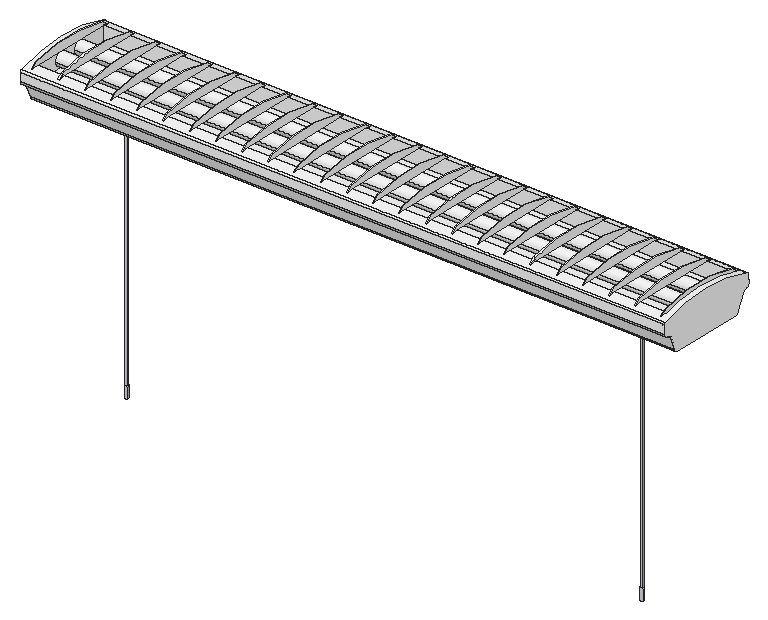
Revit family "0051681 Feilo Sylvania Lighting Fixture SYLMASTER T8 LED 1200 HO 4K Pendant ", category Lighting Fixtures, host Face, Revit 2017
Family settings
  Host = Face
  Round Connector Dimension = Use Diameter
  Part Type = Normal
  OmniClass Number = 23.80.70.00
  OmniClass Title = Lighting
  Cut with Voids When Loaded = No
  Light Source = Yes
  Shared = No
  Room Calculation Point = No
Parameters (values of type "0051681 SYLMASTER T8 LED 1200 HO 4K")
  WidthVoid_FEILO = 160 mm
  Weight = "3.41 kg"
  Wattage Comments = ""
  Wattage = 40 W
  WarrantyStartDate [instance] = "n/a"
  WarrantyGuarantorParts = "n/a"
  WarrantyDurationUnit = "n/a"
  WarrantyDurationParts = "n/a"
  WarrantyDescription = "n/a"
  built-in parameter 1150110 = 1 (stored number, unit not read)
  Voltage = 230 V
  URL = "http://www.sylvania-lighting.com"
  TypeName = "SYLMASTER T8 LED 1200 HO 4K"
  Type Image = <None>
  Type Comments = "n/a"
  Twin_FEILO = not(Single_FEILO)  # yes
  built-in parameter 1114217 = 1 (stored number, unit not read)
  Tilt Angle = -90.00°
  built-in parameter 1150109 = 1 (stored number, unit not read)
  built-in parameter 1150134 = 12
  SuspensionHeight_FEILO [instance] = 500 mm
  built-in parameter 1150113 = 1 (stored number, unit not read)
  Single_FEILO = no
  SerialNumber [instance] = "n/a"
  ReflectorSpacing_FEILO = (Length_FEILO - 30 mm) / (Array_FEILO - 1)  # 50.833 mm
  RadiusTube_FEILO = 12.7 mm
  RadiusSuspensionWire_FEILO = 2 mm
  Photometric Web File = "0051681.ies"
  Material_3_FEILO = none
  PowerFactor = 0.9
  PowerConsumption = "40 W"
  NominalLength = 1250 mm
  NominalHeight = 85 mm
  NominalDepth = 202 mm
  Name = "SYLMASTER T8 LED 1200 HO 4K"
  ModelReference = Name  # "SYLMASTER T8 LED 1200 HO 4K"
  ModelNumber = "0051681"
  Model = Name  # "SYLMASTER T8 LED 1200 HO 4K"
  Material = "steel housing"
  ManufacturerName = "Feilo Sylvania"
  Manufacturer = "Feilo Sylvania"
  LuminousEfficacy = "76 lm/W"
  built-in parameter 1150105 = 1206.5 (stored number, unit not read)
  Lumens = 3040 lm
  LuminaireType = ""
  built-in parameter 1150115 = 1 (stored number, unit not read)
  LightOutputRatio = "71"
  built-in parameter 1150137 = (empty or 0)
  built-in parameter 1150139 = (empty or 0)
  Length_FEILO = 1250 mm
  LampsType = Lamp  # "LED"
  LampNominalLuminous = "3040 lm"
  LampMacAdamStep = "6"
  LampColourTemperature = "4000 K"
  LampColourRenderingIndex = "80"
  built-in parameter 1150112 = 1 (stored number, unit not read)
  built-in parameter 1150114 = 1 (stored number, unit not read)
  Lamp = "LED"
  Keynote = "16500"
  InstallationDate [instance] = "n/a"
  InputVoltage = "220-240V~"
  InputNominalFrequency = "50/60 Hz"
  built-in parameter 1150132 = (empty or 0)
  built-in parameter 1150102 = (empty or 0)
  built-in parameter 1150107 = 4000 (stored number, unit not read)
  built-in parameter 1150138 = (empty or 0)
  IngressProtection = "IP20"
  ImpactProtectionIndex = "IK02"
  built-in parameter 1150106 = 12.065 (stored number, unit not read)
  IfcExportType = "IfcLightFixtureType"
  IfcExportAs = "IfcLightFixtureType"
  ExpectedLife = 50000
  Emit from Rectangle Width = WidthVoid_FEILO  # 160 mm
  Emit from Rectangle Length = Length_FEILO - 30 mm  # 1220 mm
  Emit Shape Visible in Rendering = no
  ElectricShockClassification = "Class I"
  built-in parameter 1150104 = 7.0606 (stored number, unit not read)
  DurationUnit = "hours"
  DocumentationLiterature = "http://www.sylvania-lighting.com/product/en-int/products/0051681"
  DimmingControlOptions = "Non dimmable"
  Material_2_FEILO = LEDTube-Sylvania-Sylmaster
  Dimming Lamp Color Temperature Shift = <None>
  RadiusSuspensionSleeve_FEILO = 3 mm
  Description = "SYLMASTER T8 LED 1200 HO 4K is a surface mount / pendant luminaire supplied with 2 ToLEDo T8 20W 840 LED Tubes."
  Default Elevation = 1219.2 mm
  CreatedOn = "2/19/2018"
  CreatedBy = ""
  Cost = 0
  Color Filter = 16777215
  built-in parameter 1114216 [instance] = (empty or 0)
  ClassificationValue = "EF_70_80"
  ClassificationName = "Uniclass2015"
  Material_1_FEILO = Body-Sylvania-Sylmaster-White
  BarCode [instance] = "n/a"
  built-in parameter 1114218 = 1 (stored number, unit not read)
  built-in parameter 1150133 = 10 (stored number, unit not read)
  AssetType = "Fixed"
  AssetIdentifier [instance] = "n/a"
  Assembly Code = "D5020200"
  Array_FEILO = if(Length_FEILO = 1250 mm, 25, 35)  # 25
  Apparent Load = 40 VA
  Material_4_FEILO = none
Reference planes
  plane 1 "Center (Front/Back)": y = 0
  plane 2: z = 0
  plane 3 "Center (Left/Right)": x = 0
  plane 4: y = 101
  plane 5: y = -101
  plane 6: z = 500
  plane 7: z = 585
  plane 8: z = 561
  plane 9: z = 545
  plane 10: z = 507
  plane 11: z = 568
  plane 12: y = -89
  plane 13: y = -75
  plane 14: y = -30
  plane 15: y = 30
  plane 16: y = 89
  plane 17: y = 75
  plane 18: z = 542
  plane 19: x = -625
  plane 20: x = 625
  plane 21: x = -500
  plane 22: x = 500
  plane 23: y = -23
  plane 24: y = 23
  plane 25: x = -480
  plane 26: x = -520
  plane 27: x = 480
  plane 28: x = 520
  plane 29: x = -513
  plane 30: x = -487
  plane 31: x = 487
  plane 32: x = 513
  plane 33: y = 80
  plane 34: y = -80
  plane 35: x = 610
  plane 36: x = -610
  plane 37: y = 33
  plane 38: z = 544.6
  plane 39: x = -559.167
  plane 40: z = 22
  plane 41: z = 478
  plane 42: x = -503
  plane 43: x = -502
  plane 44: x = 498
  plane 45: x = 497
Forms (mm)
  Extrusion 1, solid, material "Body-Sylvania-Sylmaster-White" <- "Material_1_FEILO", detail levels medium+fine
    sketch origin (0, 0, 0) x (0, 1, 0) y (0, 0, 1)
      loop
        arc (-98.274, 568.93) -> (-100.248, 567.473) -> (-101, 565.138) r 4
        line (-101, 565.138) -> (-101, 548.904)
        arc (-101, 548.904) -> (-99.941, 545.827) -> (-97.213, 544.053) r 5
        line (-97.213, 544.053) -> (-93.96, 543.24)
        arc (-93.96, 543.24) -> (-89.81, 541.072) -> (-87.101, 537.253) r 10
        line (-87.101, 537.253) -> (-76.76, 511.4)
        arc (-76.76, 511.4) -> (-74.185, 508.204) -> (-70.261, 507) r 7
        line (-70.261, 507) -> (70.261, 507)
        arc (70.261, 507) -> (74.185, 508.204) -> (76.76, 511.4) r 7
        line (76.76, 511.4) -> (87.101, 537.253)
        arc (87.101, 537.253) -> (89.81, 541.072) -> (93.96, 543.24) r 10
        line (93.96, 543.24) -> (97.213, 544.053)
        arc (97.213, 544.053) -> (99.941, 545.827) -> (101, 548.904) r 5
        line (101, 548.904) -> (101, 565.138)
        arc (101, 565.138) -> (100.248, 567.473) -> (98.274, 568.93) r 4
        arc (98.274, 568.93) -> (0, 585) -> (-98.274, 568.93) r 308.529
    from -625 to 625
  Blend 2, solid, material "Body-Sylvania-Sylmaster-White" <- "Material_1_FEILO"
    base sketch origin (0, 1219.2, 507) x (1, 0, 0) y (0, 1, 0)
      loop
        line (-520, -1189.2) -> (-520, -1249.2) -> (-480, -1249.2) -> (-480, -1189.2) -> (-520, -1189.2)
    top sketch origin (0, 1219.2, 507) x (1, 0, 0) y (0, 1, 0)
      loop
        line (-513, -1196.2) -> (-513, -1242.2) -> (-487, -1242.2) -> (-487, -1196.2) -> (-513, -1196.2)
    from 0 to -7
  Blend 3, solid, material "Body-Sylvania-Sylmaster-White" <- "Material_1_FEILO"
    base sketch origin (0, 1219.2, 507) x (1, 0, 0) y (0, 1, 0)
      loop
        line (480, -1189.2) -> (480, -1249.2) -> (520, -1249.2) -> (520, -1189.2) -> (480, -1189.2)
    top sketch origin (0, 1219.2, 507) x (1, 0, 0) y (0, 1, 0)
      loop
        line (487, -1196.2) -> (487, -1242.2) -> (513, -1242.2) -> (513, -1196.2) -> (487, -1196.2)
    from 0 to -7
  Extrusion 4, void
    sketch origin (0, 0, 0) x (0, 1, 0) y (0, 0, 1)
      loop
        line (-80, 585) -> (-80, 545) -> (80, 545) -> (80, 585) -> (-80, 585)
    from -610 to 610
  Extrusion 5, solid, material "LEDTube-Sylvania-Sylmaster" <- "Material_2_FEILO", visible <- "Single_FEILO", detail levels medium+fine
    sketch origin (0, 0, 0) x (0, 1, 0) y (0, 0, 1)
      loop
        circle (0, 561) r 12.7
    from -610 to 610
  Extrusion 6, solid, material "LEDTube-Sylvania-Sylmaster" <- "Material_2_FEILO", visible <- "Twin_FEILO", detail levels medium+fine
    sketch origin (0, 0, 0) x (0, 1, 0) y (0, 0, 1)
      loop
        circle (-23, 561) r 12.7
      loop
        circle (23, 561) r 12.7
    from -610 to 610
  Revolve 7, solid
    sketch origin (0, 0, 0) x (1, 0, 0) y (0, 0, 1)
      loop
        line (-500, 500) -> (-503, 500) -> (-503, 478) -> (-502, 478) -> (-502, 22) -> (-503, 22) -> (-503, 0) -> (-500, 0) -> (-500, 500)
      axis (-500, 500) -> (-500, 0)
    angle from 360 to 0
  Revolve 8, solid
    sketch origin (0, 0, 0) x (1, 0, 0) y (0, 0, 1)
      loop
        line (500, 500) -> (497, 500) -> (497, 478) -> (498, 478) -> (498, 22) -> (497, 22) -> (497, 0) -> (500, 0) -> (500, 500)
      axis (500, 500) -> (500, 0)
    angle from 360 to 0
  Extrusion 9, solid, material "Body-Sylvania-Sylmaster-White" <- "Material_1_FEILO", detail levels coarse
    sketch origin (0, 0, 0) x (0, 1, 0) y (0, 0, 1)
      loop
        arc (-98.274, 568.93) -> (-100.248, 567.473) -> (-101, 565.138) r 4
        line (-101, 565.138) -> (-101, 548.904)
        arc (-101, 548.904) -> (-99.941, 545.827) -> (-97.213, 544.053) r 5
        line (-97.213, 544.053) -> (-93.96, 543.24)
        arc (-93.96, 543.24) -> (-89.81, 541.072) -> (-87.101, 537.253) r 10
        line (-87.101, 537.253) -> (-76.76, 511.4)
        arc (-76.76, 511.4) -> (-74.185, 508.204) -> (-70.261, 507) r 7
        line (-70.261, 507) -> (70.261, 507)
        arc (70.261, 507) -> (74.185, 508.204) -> (76.76, 511.4) r 7
        line (76.76, 511.4) -> (87.101, 537.253)
        arc (87.101, 537.253) -> (89.81, 541.072) -> (93.96, 543.24) r 10
        line (93.96, 543.24) -> (97.213, 544.053)
        arc (97.213, 544.053) -> (99.941, 545.827) -> (101, 548.904) r 5
        line (101, 548.904) -> (101, 565.138)
        arc (101, 565.138) -> (100.248, 567.473) -> (98.274, 568.93) r 4
        arc (98.274, 568.93) -> (0, 585) -> (-98.274, 568.93) r 308.529
    from -625 to 625
Cuts and joins
  Extrusion 4 cuts Extrusion 1
Lines and regions (mm)
  reference lines
    curve 1: line (0, -101, 545) -> (0, -89, 542)
    curve 2: line (0, -89, 542) -> (0, -75, 507)
    curve 3: line (0, 101, 545) -> (0, 89, 542)
    curve 4: line (0, 89, 542) -> (0, 75, 507)
Dimensions and locks
  equal spacing: plane 5, plane 1 "Center (Front/Back)", plane 4
  locked: plane 5 to plane 4 at 202
  "SuspensionHeight_FEILO": plane 6 to plane 2
  locked: plane 6 to plane 7 at 85
  plane 8 to plane 7 = 24 mm
  locked: plane 9 to plane 7 at 40
  locked: plane 6 to plane 10 at 7
  locked: plane 8 to plane 11 at 7
  equal spacing: plane 13, plane 1 "Center (Front/Back)", plane 17
  equal spacing: plane 14, plane 1 "Center (Front/Back)", plane 15
  equal spacing: plane 12, plane 1 "Center (Front/Back)", plane 16
  locked: plane 13 to plane 17 at 150
  locked: plane 12 to plane 16 at 178
  locked: plane 18 to plane 9 at 3
  locked: Extrusion 1 sketch curve to plane 7 at 308.529
  Extrusion 1 sketch curve to plane 1 "Center (Front/Back)" to Extrusion 1 sketch curve = 97 mm locked, 97 mm locked
  Extrusion 1 sketch curve to plane 1 "Center (Front/Back)" to Extrusion 1 sketch curve = 96 mm locked, 96 mm locked
  equal spacing: plane 19, plane 3 "Center (Left/Right)", plane 20
  "Length_FEILO": plane 19 to plane 20
  Extrusion 1 sketch curve to plane 1 "Center (Front/Back)" to Extrusion 1 sketch curve = 70.261 mm locked, 70.261 mm locked
  Extrusion 1 sketch curve to plane 1 "Center (Front/Back)" to Extrusion 1 sketch curve = 96.386 mm locked, 96.386 mm locked
  Extrusion 1 sketch curve to Extrusion 1 sketch curve to Extrusion 1 sketch curve to Extrusion 1 sketch curve to plane 7 = 19.539 mm locked, 15.365 mm locked, 16.235 mm locked, 19.862 mm locked  (x2)
  equal spacing: plane 21, plane 3 "Center (Left/Right)", plane 22
  locked: plane 21 to plane 22 at 1000
  equal spacing: plane 23, plane 1 "Center (Front/Back)", plane 24
  locked: plane 14 to plane 23 at 7
  locked: plane 14 to plane 1 "Center (Front/Back)" at 30
  equal spacing: plane 26, plane 21, plane 25, locked at 20 each
  equal spacing: plane 27, plane 22, plane 28, locked at 20 each
  locked: plane 26 to plane 21 at 20
  locked: plane 27 to plane 22 at 20
  equal spacing: plane 29, plane 21, plane 30
  locked: plane 26 to plane 29 at 7
  equal spacing: plane 31, plane 22, plane 32
  locked: plane 27 to plane 31 at 7
  equal spacing: plane 36, plane 3 "Center (Left/Right)", plane 35
  locked: plane 19 to plane 36 at 15
  plane 1 "Center (Front/Back)" to plane 37 = 33 mm
  equal spacing: plane 34, plane 1 "Center (Front/Back)", plane 33
  "WidthVoid_FEILO": plane 34 to plane 33
  locked: plane 38 to plane 7 at 40.4
  "ReflectorSpacing_FEILO": plane 36 to plane 39
  equal spacing: group 1, group 2, group 3, group 4, group 5, group 6, group 7, group 8, group 9, group 10, group 11, group 12, group 13, group 14, group 15, group 16, group 17, group 18, group 19, group 20, group 21, group 22, group 23, group 24, group 25  (x3)
  locked: plane 6 to plane 41 at 22
  locked: plane 40 to host face at 22
  "RadiusSuspensionWire_FEILO": plane 22 to plane 44
  "RadiusSuspensionSleeve_FEILO": plane 22 to plane 45
  "RadiusSuspensionWire_FEILO": plane 21 to plane 43
  "RadiusSuspensionSleeve_FEILO": plane 21 to plane 42
  "RadiusTube_FEILO": radius of Extrusion 5 sketch curve
  aligned and locked: plane 2 to host face
  aligned and locked: level to host face
  aligned and locked: plane 5 to curve 1
  aligned and locked: plane 12 to curve 1
  aligned and locked: plane 13 to curve 2
  aligned and locked: plane 4 to curve 3
  aligned and locked: plane 16 to curve 3
  aligned and locked: plane 17 to curve 4
  aligned and locked: plane 5 to Extrusion 1 sketch curve
  aligned and locked: curve 2 to Extrusion 1 sketch curve
  aligned and locked: plane 1 "Center (Front/Back)" to Extrusion 1 sketch curve
  aligned and locked: plane 20 to Extrusion 1
  aligned and locked: Extrusion 1 to plane 19
  aligned and locked: Extrusion 1 sketch curve to curve 3
  aligned and locked: curve 1 to Extrusion 1 sketch curve
  aligned and locked: Extrusion 1 sketch curve to curve 4
  aligned and locked: plane 15 to Blend 2 sketch curve
  aligned and locked: plane 26 to Blend 2 sketch curve
  aligned and locked: Blend 2 sketch curve to plane 14
  aligned and locked: Blend 2 sketch curve to plane 25
  aligned and locked: plane 24 to Blend 2 sketch curve
  aligned and locked: plane 29 to Blend 2 sketch curve
  aligned and locked: Blend 2 sketch curve to plane 23
  aligned and locked: Blend 2 sketch curve to plane 30
  aligned and locked: plane 6 to Blend 2
  aligned and locked: Blend 2 to plane 10
  aligned and locked: plane 15 to Blend 3 sketch curve
  aligned and locked: plane 27 to Blend 3 sketch curve
  aligned and locked: Blend 3 sketch curve to plane 14
  aligned and locked: Blend 3 sketch curve to plane 28
  aligned and locked: plane 24 to Blend 3 sketch curve
  aligned and locked: plane 31 to Blend 3 sketch curve
  aligned and locked: Blend 3 sketch curve to plane 23
  aligned and locked: Blend 3 sketch curve to plane 32
  aligned and locked: Blend 3 to plane 10
  aligned and locked: plane 6 to Blend 3
  aligned and locked: plane 7 to Extrusion 4 sketch curve
  aligned and locked: Extrusion 4 sketch curve to plane 34
  aligned and locked: Extrusion 4 sketch curve to plane 9
  aligned and locked: plane 33 to Extrusion 4 sketch curve
  aligned and locked: plane 35 to Extrusion 4
  aligned and locked: Extrusion 4 to plane 36
  aligned and locked: plane 1 "Center (Front/Back)" to nested 1
  aligned and locked: plane 36 to nested 1
  aligned and locked: plane 39 to nested 2
  aligned and locked: plane 1 "Center (Front/Back)" to Extrusion 5 sketch curve
  aligned and locked: plane 8 to Extrusion 5 sketch curve
  aligned and locked: plane 35 to Extrusion 5
  aligned and locked: Extrusion 5 to plane 36
  aligned and locked: plane 23 to Extrusion 6 sketch curve
  aligned and locked: plane 8 to Extrusion 6 sketch curve  (x2)
  aligned and locked: plane 24 to Extrusion 6 sketch curve
  aligned and locked: plane 35 to Extrusion 6
  aligned and locked: Extrusion 6 to plane 36
  aligned and locked: plane 3 "Center (Left/Right)" to imposter light
  aligned and locked: imposter light to plane 1 "Center (Front/Back)"
  aligned and locked: imposter light to plane 7
  aligned and locked: Revolve 7 sketch curve to plane 21
  aligned and locked: plane 21 to Revolve 7 sketch curve  (x2)
  aligned and locked: Revolve 7 sketch curve to Blend 2
  aligned and locked: Revolve 7 sketch curve to plane 42  (x2)
  aligned and locked: plane 41 to Revolve 7 sketch curve
  aligned and locked: Revolve 7 sketch curve to plane 43
  aligned and locked: Revolve 7 sketch curve to plane 40
  aligned and locked: Revolve 7 sketch curve to level
  aligned and locked: Revolve 8 sketch curve to plane 22
  aligned and locked: plane 22 to Revolve 8 sketch curve  (x2)
  aligned and locked: Revolve 8 sketch curve to Blend 3
  aligned and locked: Revolve 8 sketch curve to plane 45
  aligned and locked: plane 41 to Revolve 8 sketch curve
  aligned and locked: Revolve 8 sketch curve to plane 44
  aligned and locked: Revolve 8 sketch curve to plane 40
  aligned and locked: level to Revolve 8 sketch curve
  aligned and locked: Extrusion 9 sketch curve to cut or joined group of Extrusion 1, Extrusion 4  (x9)
  aligned and locked: plane 20 to Extrusion 9
  aligned and locked: Extrusion 9 to plane 19
Automatic sketch dimensions
  host sketch curve to host sketch curve = 2438.4 mm  (x2)
  plane 9 to Extrusion 1 sketch curve = 0.947 mm  (x2)
  Extrusion 1 sketch curve to plane 18 = 1.24 mm  (x2)
  Extrusion 1 sketch curve to plane 12 = 1.899 mm
  plane 13 to Extrusion 1 sketch curve = 1.76 mm
  Extrusion 1 sketch curve to plane 17 = 1.76 mm
  plane 16 to Extrusion 1 sketch curve = 1.899 mm
  Extrusion 1 sketch curve to Extrusion 1 sketch curve = 0 mm
  plane 10 to curve 2 = 0 mm
  plane 10 to curve 4 = 0 mm
  plane 18 to curve 2 = 0 mm
  plane 18 to curve 3 = 0 mm
  plane 9 to curve 1 = 0 mm
  plane 9 to curve 3 = 0 mm
  Revolve 7 sketch curve to level = 304.8 mm
  Revolve 7 sketch curve to plane 7 = 2153.4 mm
  Revolve 8 sketch curve to plane 45 = 0 mm
  Revolve 8 sketch curve to level = 304.8 mm
  Revolve 8 sketch curve to plane 7 = 2153.4 mm
  plane 38 to Extrusion 9 sketch curve = 0.547 mm  (x2)
  Extrusion 9 sketch curve to plane 18 = 1.24 mm  (x2)
  Extrusion 9 sketch curve to plane 12 = 1.899 mm
  plane 13 to Extrusion 9 sketch curve = 1.76 mm
  Extrusion 9 sketch curve to plane 17 = 1.76 mm
  plane 16 to Extrusion 9 sketch curve = 1.899 mm
  radius of Extrusion 6 sketch curve = 12.7 mm  (x2)
Nested families
  nested 1: "Sylmaster reflector" at (-610, 0, 544.6), type "Type Name", detail levels medium+fine
    with WidthVoid_FEILO 160 mm
  nested 2: "Sylmaster reflector" at (-559.167, 0, 544.6), type "Type Name", detail levels medium+fine
    with WidthVoid_FEILO 160 mm
  nested 3: "Sylmaster reflector" at (-508.333, 0, 544.6), type "Type Name", detail levels medium+fine
    with WidthVoid_FEILO 160 mm
  nested 4: "Sylmaster reflector" at (-457.5, 0, 544.6), type "Type Name", detail levels medium+fine
    with WidthVoid_FEILO 160 mm
  nested 5: "Sylmaster reflector" at (-406.667, 0, 544.6), type "Type Name", detail levels medium+fine
    with WidthVoid_FEILO 160 mm
  nested 6: "Sylmaster reflector" at (-355.833, 0, 544.6), type "Type Name", detail levels medium+fine
    with WidthVoid_FEILO 160 mm
  nested 7: "Sylmaster reflector" at (-305, 0, 544.6), type "Type Name", detail levels medium+fine
    with WidthVoid_FEILO 160 mm
  nested 8: "Sylmaster reflector" at (-254.167, 0, 544.6), type "Type Name", detail levels medium+fine
    with WidthVoid_FEILO 160 mm
  nested 9: "Sylmaster reflector" at (-203.333, 0, 544.6), type "Type Name", detail levels medium+fine
    with WidthVoid_FEILO 160 mm
  nested 10: "Sylmaster reflector" at (-152.5, 0, 544.6), type "Type Name", detail levels medium+fine
    with WidthVoid_FEILO 160 mm
  nested 11: "Sylmaster reflector" at (-101.667, 0, 544.6), type "Type Name", detail levels medium+fine
    with WidthVoid_FEILO 160 mm
  nested 12: "Sylmaster reflector" at (-50.833, 0, 544.6), type "Type Name", detail levels medium+fine
    with WidthVoid_FEILO 160 mm
  nested 13: "Sylmaster reflector" at (0, 0, 544.6), type "Type Name", detail levels medium+fine
    with WidthVoid_FEILO 160 mm
  nested 14: "Sylmaster reflector" at (50.833, 0, 544.6), type "Type Name", detail levels medium+fine
    with WidthVoid_FEILO 160 mm
  nested 15: "Sylmaster reflector" at (101.667, 0, 544.6), type "Type Name", detail levels medium+fine
    with WidthVoid_FEILO 160 mm
  nested 16: "Sylmaster reflector" at (152.5, 0, 544.6), type "Type Name", detail levels medium+fine
    with WidthVoid_FEILO 160 mm
  nested 17: "Sylmaster reflector" at (203.333, 0, 544.6), type "Type Name", detail levels medium+fine
    with WidthVoid_FEILO 160 mm
  nested 18: "Sylmaster reflector" at (254.167, 0, 544.6), type "Type Name", detail levels medium+fine
    with WidthVoid_FEILO 160 mm
  nested 19: "Sylmaster reflector" at (305, 0, 544.6), type "Type Name", detail levels medium+fine
    with WidthVoid_FEILO 160 mm
  nested 20: "Sylmaster reflector" at (355.833, 0, 544.6), type "Type Name", detail levels medium+fine
    with WidthVoid_FEILO 160 mm
  nested 21: "Sylmaster reflector" at (406.667, 0, 544.6), type "Type Name", detail levels medium+fine
    with WidthVoid_FEILO 160 mm
  nested 22: "Sylmaster reflector" at (457.5, 0, 544.6), type "Type Name", detail levels medium+fine
    with WidthVoid_FEILO 160 mm
  nested 23: "Sylmaster reflector" at (508.333, 0, 544.6), type "Type Name", detail levels medium+fine
    with WidthVoid_FEILO 160 mm
  nested 24: "Sylmaster reflector" at (559.167, 0, 544.6), type "Type Name", detail levels medium+fine
    with WidthVoid_FEILO 160 mm
  nested 25: "Sylmaster reflector" at (610, 0, 544.6), type "Type Name", detail levels medium+fine
    with WidthVoid_FEILO 160 mm
Connectors
  electrical at (0, 0, 0), driven by "Apparent Load", driven by "PowerFactor", driven by "Voltage"
    settings: index 1, voltage 230 V, apparent load 40 VA, apparent load phase1 0 VA, apparent load phase2 0 VA, apparent load phase3 0 VA, power factor 0.9, load classification "Lighting", number of poles 1, system type 30, power factor state 1, is connector primary yes, connector utility no, sub classification motor no, connector description ""
Definition of nested family "Sylmaster reflector"
  Parameters (values of type "Type Name")
    WidthVoid_FEILO = 146 mm
    URL = "http://www.feilosylvania.com"
    Type Image = (empty or 0)
    Type Comments = "n/a"
    RadiusReflectorOuter_FEILO = 303.809 mm
    RadiusReflectorInner_FEILO = 307.458 mm
    Material_3_FEILO = none
    Model = ""
    Manufacturer = "Feilo Sylvania"
    Keynote = "16500"
    Material_2_FEILO = none
    Description = ""
    Default Elevation = 1219.2 mm
    Cost = 0
    Material_1_FEILO = none
    Assembly Code = "D5020200"
    Material_4_FEILO = none
  Reference planes
    plane 1 "Center (Front/Back)": y = 0
    plane 2: z = 28.4
    plane 3 "Center (Left/Right)": x = 0
    plane 4: y = 101
    plane 5: y = -101
    plane 6: z = 28.4
    plane 7: z = 23.4
    plane 8: x = -775
    plane 9: x = 775
    plane 10: x = -500
    plane 11: x = 500
    plane 12: x = -480
    plane 13: x = -520
    plane 14: x = 480
    plane 15: x = 520
    plane 16: x = -513
    plane 17: x = -487
    plane 18: x = 487
    plane 19: x = 513
    plane 20: y = 73
    plane 21: y = -73
    plane 22: x = 760
    plane 23: x = -760
    plane 24: y = -83
    plane 25: y = 83
    plane 26: z = 28.4
    plane 27: x = 1
    plane 28: x = -1
  Forms (mm)
    Extrusion 1, solid
      sketch origin (4.2, 0, 28.4) x (1, 0, 0) y (0, 1, 0)
        loop
          line (-1219.2, 1219.2) -> (-1219.2, -1219.2) -> (1219.2, -1219.2) -> (1219.2, 1219.2) -> (-1219.2, 1219.2)
      from 0 to -68.017
    Extrusion 2, solid, material <- "Material_1_FEILO"
      sketch origin (0, 0, 0) x (0, 1, 0) y (0, 0, 1)
        loop
          arc (-83, 29.048) -> (-78.011, 30.401) -> (-73, 31.671) r 307.458
          line (-73, 31.671) -> (-73, 28.4) -> (73, 28.4) -> (73, 31.671)
          arc (73, 31.671) -> (78.011, 30.401) -> (83, 29.048) r 307.458
          line (83, 29.048) -> (73, 36.779)
          arc (73, 36.779) -> (0, 45.68) -> (-73, 36.779) r 303.809
          line (-73, 36.779) -> (-83, 29.048)
      from 1 to -1
  Lines and regions (mm)
    reference lines
      curve 1: arc (0, -101, 28.4) -> (0, 0, 45.68) -> (0, 101, 28.4) r 303.809
      curve 2: arc (0, -101, 23.4) -> (0, 0, 40.463) -> (0, 101, 23.4) r 307.458
  Dimensions and locks
    equal spacing: plane 5, plane 1 "Center (Front/Back)", plane 4
    locked: plane 5 to plane 4 at 202
    equal spacing: plane 8, plane 3 "Center (Left/Right)", plane 9
    locked: plane 8 to plane 9 at 1550
    equal spacing: plane 10, plane 3 "Center (Left/Right)", plane 11
    locked: plane 10 to plane 11 at 1000
    equal spacing: plane 13, plane 10, plane 12, locked at 20 each
    equal spacing: plane 14, plane 11, plane 15, locked at 20 each
    locked: plane 13 to plane 10 at 20
    locked: plane 14 to plane 11 at 20
    equal spacing: plane 16, plane 10, plane 17
    locked: plane 13 to plane 16 at 7
    equal spacing: plane 18, plane 11, plane 19
    locked: plane 14 to plane 18 at 7
    equal spacing: plane 23, plane 3 "Center (Left/Right)", plane 22
    locked: plane 8 to plane 23 at 15
    equal spacing: plane 21, plane 1 "Center (Front/Back)", plane 20
    "WidthVoid_FEILO": plane 21 to plane 20
    equal spacing: plane 24, plane 1 "Center (Front/Back)", plane 25
    locked: plane 24 to plane 21 at 10
    locked: plane 7 to plane 26 at 5
    plane 28 to plane 3 "Center (Left/Right)" to plane 27 = 1 mm locked, 1 mm locked
    "RadiusReflectorInner_FEILO": radius of curve 2
    "RadiusReflectorOuter_FEILO": radius of curve 1
    aligned and locked: plane 2 to Extrusion 1
    aligned and locked: level to Extrusion 1
    aligned and locked: plane 5 to curve 1
    aligned and locked: plane 26 to curve 1  (x2)
    aligned and locked: plane 4 to curve 1
    aligned and locked: plane 4 to curve 2
    aligned and locked: plane 7 to curve 2  (x2)
    aligned and locked: plane 5 to curve 2
    aligned and locked: Extrusion 2 to plane 28
    aligned and locked: plane 27 to Extrusion 2
    aligned and locked: Extrusion 2 sketch curve to curve 2  (x2)
    aligned and locked: Extrusion 2 sketch curve to curve 1
    aligned and locked: plane 26 to Extrusion 2 sketch curve
    aligned and locked: Extrusion 2 sketch curve to plane 20
    aligned and locked: plane 21 to Extrusion 2 sketch curve  (x3)
    aligned and locked: plane 24 to Extrusion 2 sketch curve
    aligned and locked: plane 20 to Extrusion 2 sketch curve
    aligned and locked: plane 25 to Extrusion 2 sketch curve
    aligned and locked: plane 26 to plane 6
    aligned and locked: level to plane 26
  Automatic sketch dimensions
    Extrusion 1 sketch curve to Extrusion 1 sketch curve = 2438.4 mm  (x2)
